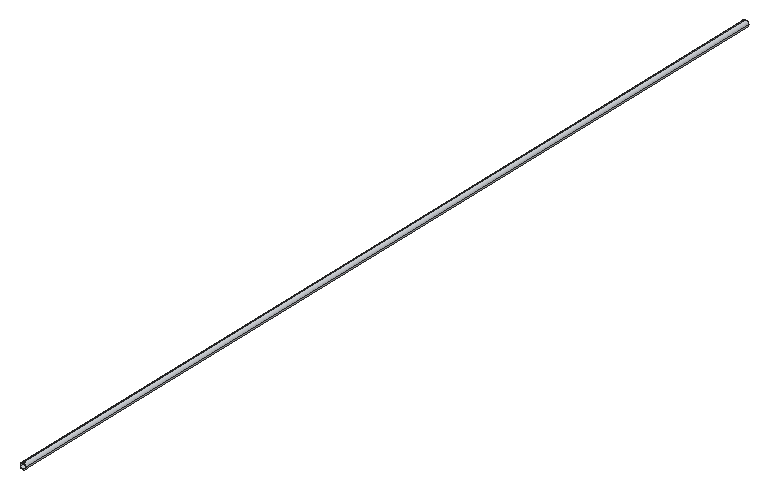
Revit family "GC25", category Generic Models, Revit 2017
Family settings
  Can host rebar = No
  Round Connector Dimension = Use Diameter
  Part Type = Normal
  Work Plane-Based = Yes
  Always vertical = No
  Cut with Voids When Loaded = No
  Shared = No
  Room Calculation Point = No
Parameters (values of type "NBS Standard Parameters")
  Weight = "3.08Kg"
  WarrantyStartDate [instance] = "1900-12-31T23:59:59"
  WarrantyGuarantorParts = "n/a"
  WarrantyGuarantorLabor = "n/a"
  WarrantyDurationUnit = "1 year"
  WarrantyDurationParts = "n/a"
  WarrantyDurationLabor = "n/a"
  WarrantyDescription = "n/a"
  Version = "1"
  Uniclass2 = "Pr_65_70_11_71"
  TagNumber [instance] = "n/a"
  SustainabilityPerformance = "n/a"
  Size = "25"
  Shape = "Circular"
  SerialNumber [instance] = "n/a"
  Revision = "n/a"
  ReplacementCost = "n/a"
  ProductInformation = "www.metpro.co.uk/pdf/gc25.pdf"
  NominalWidth = 25 mm
  NominalLength = 3750 mm
  NominalHeight = 25 mm
  Name = ""
  NBSTypeID = ""
  NBSReference = "90-55-10/380"
  NBSOfficeMasterTag = ""
  NBSNote = ""
  NBSDescription = "Rigid Conduit"
  NBSCertification = ""
  ModelReference = "GC25"
  ModelNumber = "n/a"
  Material = "Steel"
  ManufacturerURL = "www.metpro.co.uk"
  ManufacturerName = "Metpro Ltd"
  Keynote = "Conforms to BS EN61386-1"
  InstallationDate [instance] = "1900-12-31T23:59:59"
  IfcExportType = ""
  IfcExportAs = ""
  Grade = "n/a"
  Finish = "Hot Dipped Galvanised class 4"
  Features = "n/a"
  ExpectedLife = "n/a"
  DurationUnit = "year"
  Description = "GC25 - 25mm Conduit 3.75 mtr Length"
  Default Elevation = 1219.2 mm
  Constituents = "n/a"
  Color = "n/a"
  CodePerformance = "n/a"
  Category = "n/a"
  BarCode [instance] = "n/a"
  BIMObjectName = "Metpro_metprolibrary_rigidconduit_metal_class4"
  Author = "Metpro Limited"
  AssetType = ""
  AssetIdentifier [instance] = "n/a"
  AccessibilityPerformance = "n/a"
Reference planes
  plane 1 "Center (Front/Back)": y = 0
  plane 2: z = 0
  plane 3 "Center (Left/Right)": x = 0
Forms (mm)
  Extrusion 1, solid
    sketch origin (45.995, 1877.942, 144.652) x (-1, 0, 0) y (0, 0, -1)
      loop
        circle (33.495, -15) r 12.5
      loop
        circle (33.495, -15) r 11
    from 0 to 3750
Dimensions and locks
  aligned and locked: level to plane 2
